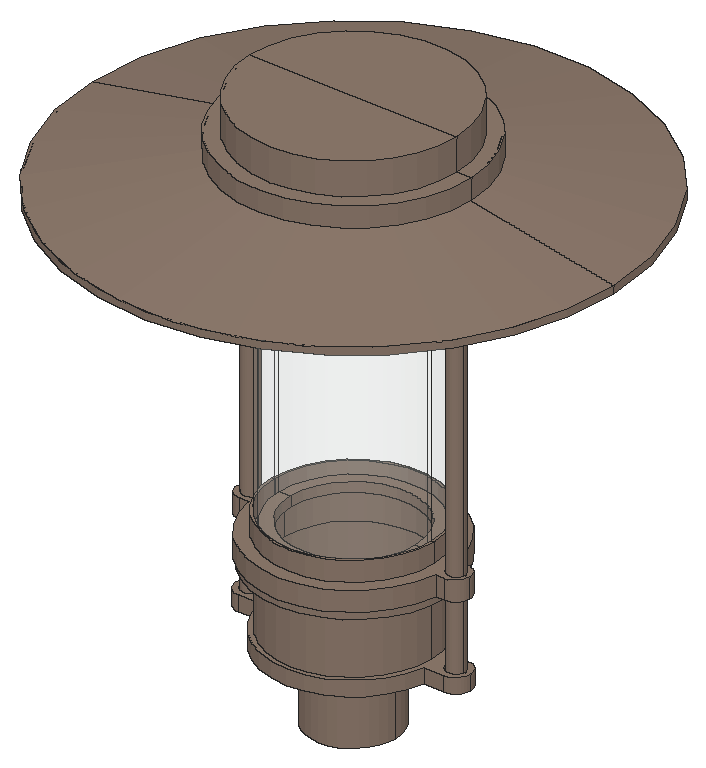
Revit family "LA161", category Generic Models, Revit 2014
Parameters
  LUMIN = Bronze, Architectural
  GLASS = Glass
Reference planes (in)
  plane 1 "Center (Front/Back)": y = 0
  plane 2: z = 0
  plane 3 "Center (Left/Right)": x = 0
Forms (in)
  Revolve 1, solid, material "Bronze, Architectural" <- "LUMIN"
    sketch origin (-36, 0, 0) x (1, 0, 0) y (0, 0, 1)
      loop
        line (32.01563, 21.49966) -> (32.01563, 20.28091) -> (31.45313, 20.28091) -> (31.45313, 19.51779) -> (31.51313, 19.51779) -> (31.51313, 20.22091) -> (32.07563, 20.22091) -> (32.07563, 21.43966) -> (36, 21.43966) -> (36, 21.49966) -> (32.01563, 21.49966)
      axis (36, 21.49966) -> (36, 19.51779)
    angle from 0 to 360
  Revolve 2, solid, material "Bronze, Architectural" <- "LUMIN"
    sketch origin (-36, 0, 0) x (1, 0, 0) y (0, 0, 1)
      loop
        line (26, 18.20529) -> (26.06, 18.20529) -> (26.06, 18.43672) -> (31.51869, 19.45779) -> (31.7475, 19.45779) -> (31.7475, 19.90992) -> (31.70063, 19.90992) -> (31.70063, 19.51779) -> (31.51313, 19.51779) -> (26, 18.48654) -> (26, 18.20529)
      axis (36, 19.90992) -> (36, 18.20529)
    angle from 0 to 360
  Revolve 3, solid, material "Bronze, Architectural" <- "LUMIN"
    sketch origin (-36, 0, 0) x (1, 0, 0) y (0, 0, 1)
      loop
        line (32.90452, 20.22091) -> (31.54688, 20.22091) -> (31.54688, 19.08279) -> (32.625, 19.08279) -> (32.625, 19.27029) -> (32.90452, 19.27029) -> (32.90452, 20.22091)
      axis (36, 20.22091) -> (36, 19.08279)
    angle from 0 to 360
  Revolve 4, solid, material "Bronze, Architectural" <- "LUMIN"
    sketch origin (-36, 0, 0) x (1, 0, 0) y (0, 0, 1)
      loop
        line (32.3775, 3.02443) -> (32.3775, 19.90992) -> (32.33063, 19.90992) -> (32.33063, 3.02443) -> (32.3775, 3.02443)
      axis (32.0625, 19.90992) -> (32.0625, 3.02443)
    angle from 0 to 360
  Revolve 5, solid, material "Glass" <- "GLASS"
    sketch origin (-36, 0, 0) x (1, 0, 0) y (0, 0, 1)
      loop
        line (33, 19.27029) -> (33, 6.53212) -> (33.125, 6.53212) -> (33.125, 19.27029) -> (33, 19.27029)
      axis (36, 19.27029) -> (36, 6.53212)
    angle from 0 to 360
  Revolve 6, solid, material "Bronze, Architectural" <- "LUMIN"
    sketch origin (36, 0, 0) x (-1, 0, 0) y (0, 0, 1)
      loop
        line (32.3775, 3.02443) -> (32.3775, 19.90992) -> (32.33063, 19.90992) -> (32.33063, 3.02443) -> (32.3775, 3.02443)
      axis (32.0625, 19.90992) -> (32.0625, 3.02443)
    angle from 0 to 360
  Revolve 7, solid, material "Bronze, Architectural" <- "LUMIN"
    sketch origin (-36, 0, 0) x (1, 0, 0) y (0, 0, 1)
      loop
        line (33.59812, 6.53212) -> (33.59812, 6.90712) -> (33.16247, 6.90712) -> (33.16247, 6.53212) -> (32.97213, 6.53212) -> (32.97213, 7.28212) -> (32.89213, 7.28212) -> (32.89213, 6.53212) -> (32.38725, 6.53212) -> (32.38725, 5.78212) -> (32.45245, 5.78212) -> (32.45245, 5.50087) -> (32.95255, 5.50087) -> (32.95255, 5.78212) -> (33.1511, 5.78212) -> (33.1511, 5.40712) -> (33.3386, 5.40712) -> (33.3386, 6.53212) -> (33.59812, 6.53212)
      axis (36, 7.28212) -> (36, 5.40712)
    angle from 0 to 360
  Revolve 8, solid, material "Bronze, Architectural" <- "LUMIN"
    sketch origin (-36, 0, 0) x (1, 0, 0) y (0, 0, 1)
      loop
        line (33, 5.78212) -> (33, 3.20517) -> (33.09375, 3.20517) -> (33.09375, 5.78212) -> (33, 5.78212)
      axis (36, 5.78212) -> (36, 3.20517)
    angle from 0 to 360
  Revolve 9, solid, material "Bronze, Architectural" <- "LUMIN"
    sketch origin (-36, 0, 0) x (1, 0, 0) y (0, 0, 1)
      loop
        line (31.73951, 6.53212) -> (31.53747, 6.53212) -> (31.53747, 5.78212) -> (31.73951, 5.78212) -> (31.73951, 6.53212)
      axis (32.06338, 6.53212) -> (32.06338, 5.78212)
    angle from 0 to 360
  Revolve 10, solid, material "Bronze, Architectural" <- "LUMIN"
    sketch origin (36, 0, 0) x (-1, 0, 0) y (0, 0, 1)
      loop
        line (31.73951, 6.53212) -> (31.53747, 6.53212) -> (31.53747, 5.78212) -> (31.73951, 5.78212) -> (31.73951, 6.53212)
      axis (32.06338, 6.53212) -> (32.06338, 5.78212)
    angle from 0 to 360
  Revolve 11, solid, material "Bronze, Architectural" <- "LUMIN"
    sketch origin (-36, 0, 0) x (1, 0, 0) y (0, 0, 1)
      loop
        line (34.75761, 3.15948) -> (33.91606, 3.15948) -> (33.91606, 2.83017) -> (33.30113, 2.83017) -> (33.30113, 3.58017) -> (33.11363, 3.58017) -> (33.11363, 3.20517) -> (32.8125, 3.20517) -> (32.8125, 2.64267) -> (35.8125, 2.64267) -> (35.8125, 2.83017) -> (34.75761, 2.83017) -> (34.75761, 3.15948)
      axis (36, 3.58017) -> (36, 2.64267)
    angle from 0 to 360
  Revolve 12, solid, material "Bronze, Architectural" <- "LUMIN"
    sketch origin (-36, 0, 0) x (1, 0, 0) y (0, 0, 1)
      loop
        line (32.0625, 3.02443) -> (31.70063, 3.02443) -> (31.70063, 3.20517) -> (31.5, 3.20517) -> (31.5, 2.64267) -> (32.0625, 2.64267) -> (32.0625, 3.02443)
      axis (32.0625, 3.20517) -> (32.0625, 2.64267)
    angle from 0 to 360
  Extrusion 13, solid, material "Bronze, Architectural" <- "LUMIN"
    sketch origin (-56.5, 0, 0) x (1, 0, 0) y (0, 1, 0)
      loop
        arc (52.5625, 0.5625) -> (52.96025, 0.39775) -> (53.125, 0) r 0.5625
        arc (53.125, 0) -> (52.96025, -0.39775) -> (52.5625, -0.5625) r 0.5625
        line (52.5625, -0.5625) -> (53.61371, -0.5625)
        arc (53.61371, -0.5625) -> (53.58125, -0.30158) -> (53.57041, -0.03886) r 3.1875
        arc (53.57041, -0.03886) -> (53.58475, 0.26318) -> (53.62765, 0.5625) r 3.1875
        line (53.62765, 0.5625) -> (52.5625, 0.5625)
    from 2.64267 to 3.20517
  Revolve 14, solid, material "Bronze, Architectural" <- "LUMIN"
    sketch origin (36, 0, 0) x (-1, 0, 0) y (0, 0, 1)
      loop
        line (32.0625, 3.02443) -> (31.70063, 3.02443) -> (31.70063, 3.20517) -> (31.5, 3.20517) -> (31.5, 2.64267) -> (32.0625, 2.64267) -> (32.0625, 3.02443)
      axis (32.0625, 3.20517) -> (32.0625, 2.64267)
    angle from 0 to 360
  Extrusion 15, solid, material "Bronze, Architectural" <- "LUMIN"
    sketch origin (56.5, 0, 0) x (-1, 0, 0) y (0, -1, 0)
      loop
        line (52.5625, -0.5625) -> (53.62765, -0.5625)
        arc (53.62765, -0.5625) -> (53.58475, -0.26318) -> (53.57041, 0.03886) r 3.1875
        arc (53.57041, 0.03886) -> (53.58125, 0.30158) -> (53.61371, 0.5625) r 3.1875
        line (53.61371, 0.5625) -> (52.5625, 0.5625)
        arc (52.5625, 0.5625) -> (52.96025, 0.39775) -> (53.125, 0) r 0.5625
        arc (53.125, 0) -> (52.96025, -0.39775) -> (52.5625, -0.5625) r 0.5625
    from 2.64267 to 3.20517
  Revolve 16, solid, material "Bronze, Architectural" <- "LUMIN"
    sketch origin (-36, 0, 0) x (1, 0, 0) y (0, 0, 1)
      loop
        line (34.359, 2.64267) -> (34.359, 0) -> (34.5, 0) -> (34.5, 2.64267) -> (34.359, 2.64267)
      axis (36, 2.64267) -> (36, 0)
    angle from 0 to 360
  Extrusion 17, solid, material "Bronze, Architectural" <- "LUMIN"
    sketch origin (-21.25, 0, 0) x (1, 0, 0) y (0, 1, 0)
      loop
        line (25.18662, 0.5259) -> (24.82427, 0.5259)
        arc (24.82427, 0.5259) -> (24.83319, 0.4612) -> (24.84095, 0.39634) r 3.61275
        arc (24.84095, 0.39634) -> (25.00204, 0.49245) -> (25.18662, 0.5259) r 0.5259
      loop
        arc (25.18662, -0.5259) -> (25.00204, -0.49245) -> (24.84095, -0.39634) r 0.5259
        arc (24.84095, -0.39634) -> (24.83319, -0.4612) -> (24.82427, -0.5259) r 3.61275
        line (24.82427, -0.5259) -> (25.18662, -0.5259)
    from 5.78212 to 6.53212
  Extrusion 18, solid, material "Bronze, Architectural" <- "LUMIN"
    sketch origin (21.25, 0, 0) x (-1, 0, 0) y (0, -1, 0)
      loop
        arc (25.18662, -0.5259) -> (25.00204, -0.49245) -> (24.84095, -0.39634) r 0.5259
        arc (24.84095, -0.39634) -> (24.83319, -0.4612) -> (24.82427, -0.5259) r 3.61275
        line (24.82427, -0.5259) -> (25.18662, -0.5259)
      loop
        line (25.18662, 0.5259) -> (24.82427, 0.5259)
        arc (24.82427, 0.5259) -> (24.83319, 0.4612) -> (24.84095, 0.39634) r 3.61275
        arc (24.84095, 0.39634) -> (25.00204, 0.49245) -> (25.18662, 0.5259) r 0.5259
    from 5.78212 to 6.53212
Cuts and joins
  joined: Revolve 7, Revolve 9, Revolve 10, Extrusion 17, Extrusion 18
  joined: Revolve 11, Revolve 12, Extrusion 13, Revolve 14, Extrusion 15, Revolve 16
Lines and regions (in)
  model lines
    curve 1: line (-3.61275, 0, 6.53212) -> (-4.26049, 0, 6.53212)
Dimensions and locks (in)
  aligned and locked: plane 2 to level
